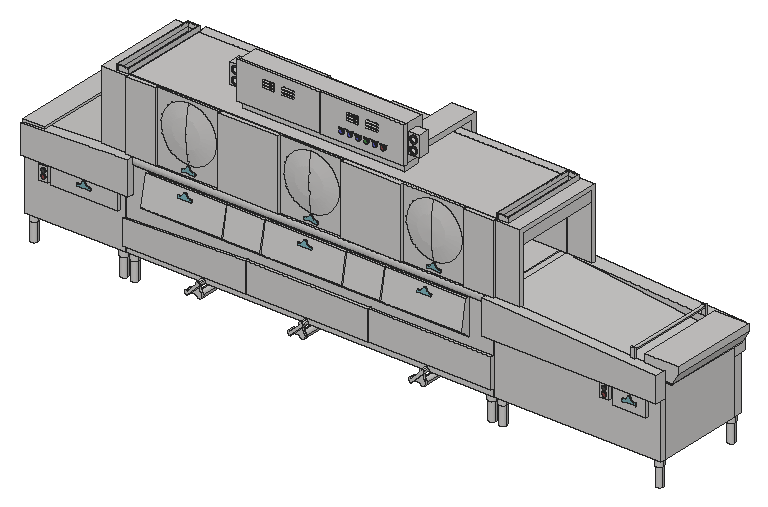
Revit family (continued)
Dimensions and locks (in)
  locked: plane 96 "Drain" to level at 7
  locked: plane 51 to plane 97 "Left Drain" at 17.5
  locked: plane 98 "Right Drain" to plane 62 at 7
  locked: plane 99 "Drain CL" to plane 21 "Back of Main Body" at 17.25
  locked: plane 100 "Utilities" to level at 6
  locked: plane 101 "Cold Water" to plane 3 "LEFT" at 10
  locked: plane 102 "Utility to Machine" to plane 21 "Back of Main Body" at 13.75
  locked: plane 102 "Utility to Machine" to plane 103 "Utilities Point of Connection" at 8.25
  locked: plane 4 "RIGHT" to plane 104 "Building Hot Water" at 36
  locked: Extrusion 133 sketch curve to plane 83 at 2
  locked: Extrusion 133 sketch curve to plane 10 "Top of Machine" at 13
  locked: Extrusion 136 to Extrusion 142 sketch curve at 1
  locked: Extrusion 175 to Extrusion 181 sketch curve at 1
  locked: plane 26 to plane 105 at 0.25
  locked: plane 106 to plane 24 at 0.0625
  locked: plane 24 to plane 107 at 0.0625
  locked: plane 110 to plane 24 at 1.4375
  locked: plane 24 to plane 109 at 1.4375
  locked: plane 108 to plane 27 at 0.25
  locked: plane 28 to plane 111 at 0.25
  locked: plane 114 to plane 29 at 0.25
  locked: plane 25 to plane 113 at 0.0625
  locked: plane 112 to plane 25 at 0.0625
  locked: plane 116 to plane 25 at 1.4375
  locked: plane 25 to plane 115 at 1.4375
  locked: plane 117 "Standard Door Clearance" to plane 10 "Top of Machine" at 28
  plane 4 "RIGHT" to plane 118 = 2' - 0"
  locked: plane 118 to nested 5
  locked: plane 4 "RIGHT" to nested 4 at 12
  locked: Extrusion 201 sketch curve to plane 4 "RIGHT" at 12
  locked: Extrusion 201 sketch curve to level at 11
  equal spacing: plane 119, plane 23, plane 120
  "Power Scrapper Door": plane 119 to plane 120
  locked: plane 119 to plane 121 at 0.25
  locked: plane 122 to plane 23 at 0.0625
  locked: plane 23 to plane 123 at 0.0625
  locked: plane 126 to plane 23 at 1.4375
  locked: plane 23 to plane 125 at 1.4375
  locked: plane 124 to plane 120 at 0.25
  locked: plane 35 to plane 127 at 0.25
  locked: plane 37 to plane 128 at 14
  locked: plane 128 to plane 129 at 29
  locked: plane 130 to plane 128 at 0.25
  aligned and locked: level to plane 2
  aligned and locked: plane 12 "Bottom of Machine" to Extrusion 1 sketch curve
  aligned and locked: plane 3 "LEFT" to Extrusion 1 sketch curve
  aligned and locked: plane 14 "Left of Bottom" to Extrusion 1 sketch curve
  aligned and locked: Extrusion 1 sketch curve to plane 15 "Right of Bottom"
  aligned and locked: Extrusion 1 sketch curve to plane 4 "RIGHT"
  aligned and locked: Extrusion 1 to plane 21 "Back of Main Body"
  aligned and locked: Extrusion 1 sketch curve to plane 16
  aligned and locked: Extrusion 2 sketch curve to plane 13 "Middle of Machine"
  aligned and locked: plane 16 to Extrusion 2 sketch curve
  aligned and locked: plane 21 "Back of Main Body" to Extrusion 2 sketch curve
  aligned and locked: Extrusion 2 to plane 14 "Left of Bottom"
  aligned and locked: plane 3 "LEFT" to Extrusion 3 sketch curve
  aligned and locked: Extrusion 3 sketch curve to plane 22 "Front of Main Body"
  aligned and locked: plane 30 "Front of Inside" to Extrusion 3 sketch curve
  aligned and locked: Extrusion 3 to plane 13 "Middle of Machine"
  aligned and locked: plane 30 "Front of Inside" to Extrusion 4 sketch curve
  aligned and locked: Extrusion 4 sketch curve to plane 26
  aligned and locked: Extrusion 4 sketch curve to plane 22 "Front of Main Body"
  aligned and locked: Extrusion 4 to plane 13 "Middle of Machine"
  aligned and locked: plane 30 "Front of Inside" to Extrusion 5 sketch curve
  aligned and locked: Extrusion 5 sketch curve to plane 22 "Front of Main Body"
  aligned and locked: Extrusion 5 sketch curve to plane 28
  aligned and locked: plane 27 to Extrusion 5 sketch curve
  aligned and locked: Extrusion 6 sketch curve to plane 4 "RIGHT"
  aligned and locked: plane 29 to Extrusion 6 sketch curve
  aligned and locked: plane 30 "Front of Inside" to Extrusion 6 sketch curve
  aligned and locked: Extrusion 6 sketch curve to plane 22 "Front of Main Body"
  aligned and locked: Extrusion 5 to plane 13 "Middle of Machine"
  aligned and locked: Extrusion 6 to plane 13 "Middle of Machine"
  aligned and locked: plane 3 "LEFT" to Extrusion 7 sketch curve
  aligned and locked: Extrusion 7 sketch curve to plane 32
  aligned and locked: plane 21 "Back of Main Body" to Extrusion 7 sketch curve
  aligned and locked: Extrusion 7 sketch curve to plane 31 "Back of Inside"
  aligned and locked: Extrusion 8 sketch curve to plane 4 "RIGHT"
  aligned and locked: plane 21 "Back of Main Body" to Extrusion 8 sketch curve
  aligned and locked: Extrusion 8 sketch curve to plane 31 "Back of Inside"
  aligned and locked: plane 33 to Extrusion 8 sketch curve
  aligned and locked: Extrusion 7 to plane 13 "Middle of Machine"
  aligned and locked: Extrusion 8 to plane 13 "Middle of Machine"
  aligned and locked: plane 30 "Front of Inside" to Extrusion 9 sketch curve
  aligned and locked: plane 26 to Extrusion 9 sketch curve
  aligned and locked: Extrusion 9 sketch curve to plane 27
  aligned and locked: plane 30 "Front of Inside" to Extrusion 10 sketch curve
  aligned and locked: plane 28 to Extrusion 10 sketch curve
  aligned and locked: Extrusion 10 sketch curve to plane 29
  aligned and locked: Extrusion 9 to plane 13 "Middle of Machine"
  aligned and locked: Extrusion 10 to plane 13 "Middle of Machine"
  aligned and locked: plane 32 to Extrusion 11 sketch curve
  aligned and locked: Extrusion 11 sketch curve to plane 33
  aligned and locked: Extrusion 11 sketch curve to plane 31 "Back of Inside"
  aligned and locked: Extrusion 11 to plane 13 "Middle of Machine"
  aligned and locked: Extrusion 16 to plane 38
  aligned and locked: plane 39 to Extrusion 16
  aligned and locked: Extrusion 17 to plane 36
  aligned and locked: plane 37 to Extrusion 17
  aligned and locked: Extrusion 18 to plane 40
  aligned and locked: plane 3 "LEFT" to Extrusion 20 sketch curve
  aligned and locked: plane 20 to Extrusion 20 sketch curve
  aligned and locked: Extrusion 20 sketch curve to plane 41
  aligned and locked: Extrusion 21 sketch curve to plane 43
  aligned and locked: Extrusion 21 sketch curve to plane 19
  aligned and locked: plane 42 to Extrusion 21 sketch curve
  aligned and locked: plane 20 to Extrusion 21 sketch curve
  aligned and locked: Extrusion 22 sketch curve to plane 4 "RIGHT"
  aligned and locked: Extrusion 22 sketch curve to plane 19
  aligned and locked: plane 20 to Extrusion 22 sketch curve
  aligned and locked: plane 44 to Extrusion 22 sketch curve
  aligned and locked: plane 31 "Back of Inside" to Extrusion 23 sketch curve
  aligned and locked: plane 3 "LEFT" to Extrusion 23 sketch curve
  aligned and locked: Extrusion 23 sketch curve to plane 30 "Front of Inside"
  aligned and locked: Extrusion 23 sketch curve to plane 4 "RIGHT"
  aligned and locked: Extrusion 23 to plane 45
  aligned and locked: plane 13 "Middle of Machine" to Extrusion 24 sketch curve  (x2)
  aligned and locked: Extrusion 24 sketch curve to plane 10 "Top of Machine"
  aligned and locked: Extrusion 24 to plane 8 "Load Vent"
  aligned and locked: plane 48 to Extrusion 25 sketch curve
  aligned and locked: Extrusion 25 sketch curve to plane 47
  aligned and locked: plane 46 to Extrusion 25
  aligned and locked: Extrusion 26 sketch curve to Extrusion 24
  aligned and locked: Extrusion 26 sketch curve to plane 45
  aligned and locked: Extrusion 27 sketch curve to Extrusion 25
  aligned and locked: Extrusion 25 to Extrusion 27 sketch curve
  aligned and locked: Extrusion 28 to Extrusion 30 sketch curve
  aligned and locked: plane 9 "Unload Vent" to Extrusion 28
  aligned and locked: plane 49 to Extrusion 29 sketch curve
  aligned and locked: Extrusion 29 sketch curve to plane 50
  aligned and locked: plane 46 to Extrusion 29
  aligned and locked: plane 45 to Extrusion 30 sketch curve
  aligned and locked: Extrusion 29 to Extrusion 31 sketch curve
  aligned and locked: Extrusion 31 sketch curve to Extrusion 29
  aligned and locked: plane 15 "Right of Bottom" to Extrusion 2
  aligned and locked: plane 51 to Extrusion 40 sketch curve
  aligned and locked: Extrusion 40 sketch curve to plane 14 "Left of Bottom"
  aligned and locked: plane 51 to Extrusion 41 sketch curve
  aligned and locked: Extrusion 41 sketch curve to plane 14 "Left of Bottom"
  aligned and locked: Extrusion 42 sketch curve to plane 52
  aligned and locked: plane 11 "Table Height" to Extrusion 42 sketch curve
  aligned and locked: plane 51 to Extrusion 42 sketch curve
  aligned and locked: plane 30 "Front of Inside" to Extrusion 42
  aligned and locked: Extrusion 43 sketch curve to plane 53
  aligned and locked: plane 51 to Extrusion 43 sketch curve
  aligned and locked: Extrusion 44 sketch curve to plane 53
  aligned and locked: plane 51 to Extrusion 44 sketch curve
  aligned and locked: plane 51 to Extrusion 45 sketch curve
  aligned and locked: Extrusion 45 sketch curve to plane 14 "Left of Bottom"
  aligned and locked: Extrusion 45 sketch curve to plane 13 "Middle of Machine"
  aligned and locked: Extrusion 45 sketch curve to plane 12 "Bottom of Machine"
  aligned and locked: plane 3 "LEFT" to Extrusion 45 sketch curve
  aligned and locked: plane 51 to Extrusion 46 sketch curve
  aligned and locked: plane 54 to Extrusion 46 sketch curve
  aligned and locked: plane 51 to Extrusion 47 sketch curve
  aligned and locked: plane 12 "Bottom of Machine" to Extrusion 47 sketch curve
  aligned and locked: Extrusion 47 sketch curve to plane 3 "LEFT"
  aligned and locked: plane 22 "Front of Main Body" to Extrusion 47
  aligned and locked: plane 30 "Front of Inside" to Extrusion 45
  aligned and locked: plane 51 to Extrusion 48 sketch curve
  aligned and locked: plane 12 "Bottom of Machine" to Extrusion 48 sketch curve
  aligned and locked: Extrusion 48 sketch curve to plane 3 "LEFT"
  aligned and locked: Extrusion 48 to plane 21 "Back of Main Body"
  aligned and locked: plane 55 to Extrusion 40 sketch curve
  aligned and locked: plane 55 to Extrusion 41 sketch curve
  aligned and locked: Extrusion 47 sketch curve to plane 55
  aligned and locked: Extrusion 48 sketch curve to plane 55
  aligned and locked: Extrusion 49 to plane 22 "Front of Main Body"
  aligned and locked: plane 61 to Extrusion 51 sketch curve
  aligned and locked: Extrusion 51 sketch curve to plane 60
  aligned and locked: Extrusion 49 to plane 58
  aligned and locked: plane 59 to Extrusion 49
  aligned and locked: plane 13 "Middle of Machine" to Extrusion 58 sketch curve
  aligned and locked: Extrusion 58 sketch curve to plane 15 "Right of Bottom"
  aligned and locked: Extrusion 58 sketch curve to plane 55
  aligned and locked: plane 4 "RIGHT" to Extrusion 58 sketch curve
  aligned and locked: plane 12 "Bottom of Machine" to Extrusion 58 sketch curve
  aligned and locked: plane 62 to Extrusion 58 sketch curve
  aligned and locked: plane 62 to Extrusion 57 sketch curve
  aligned and locked: Extrusion 57 sketch curve to plane 63
  aligned and locked: Extrusion 56 sketch curve to plane 64
  aligned and locked: plane 62 to Extrusion 56 sketch curve
  aligned and locked: Extrusion 56 sketch curve to plane 11 "Table Height"
  aligned and locked: Extrusion 54 sketch curve to plane 15 "Right of Bottom"
  aligned and locked: Extrusion 54 sketch curve to plane 55
  aligned and locked: plane 62 to Extrusion 54 sketch curve
  aligned and locked: Extrusion 55 sketch curve to plane 15 "Right of Bottom"
  aligned and locked: Extrusion 55 sketch curve to plane 55
  aligned and locked: plane 62 to Extrusion 55 sketch curve
  aligned and locked: Extrusion 59 sketch curve to plane 4 "RIGHT"
  aligned and locked: plane 55 to Extrusion 59 sketch curve
  aligned and locked: Extrusion 59 sketch curve to plane 12 "Bottom of Machine"
  aligned and locked: plane 62 to Extrusion 59 sketch curve
  aligned and locked: Extrusion 60 sketch curve to plane 4 "RIGHT"
  aligned and locked: plane 55 to Extrusion 60 sketch curve
  aligned and locked: plane 62 to Extrusion 60 sketch curve
  aligned and locked: Extrusion 60 sketch curve to plane 12 "Bottom of Machine"
  aligned and locked: plane 13 "Middle of Machine" to Extrusion 61 sketch curve
  aligned and locked: Extrusion 61 sketch curve to plane 66
  aligned and locked: Extrusion 61 sketch curve to plane 65
  aligned and locked: plane 30 "Front of Inside" to Extrusion 61
  aligned and locked: plane 30 "Front of Inside" to Extrusion 64
  aligned and locked: Extrusion 65 sketch curve to plane 56
  aligned and locked: plane 57 to Extrusion 65 sketch curve
  aligned and locked: plane 69 to Extrusion 65 sketch curve
  aligned and locked: Extrusion 65 sketch curve to plane 68
  aligned and locked: plane 71 to Extrusion 67 sketch curve
  aligned and locked: Extrusion 67 sketch curve to plane 70
  aligned and locked: Extrusion 67 sketch curve to plane 56
  aligned and locked: Extrusion 71 to Extrusion 70
  aligned and locked: plane 12 "Bottom of Machine" to Extrusion 71
  aligned and locked: Extrusion 73 to Extrusion 72
  aligned and locked: Extrusion 75 to Extrusion 74
  aligned and locked: Extrusion 77 to Extrusion 76
  aligned and locked: Extrusion 78 to Extrusion 79
  aligned and locked: Extrusion 80 to Extrusion 81
  aligned and locked: Extrusion 83 to Extrusion 82
  aligned and locked: Extrusion 85 to Extrusion 84
  aligned and locked: Extrusion 86 to Extrusion 87
  aligned and locked: Extrusion 88 to Extrusion 89
  aligned and locked: Extrusion 91 to Extrusion 90
  aligned and locked: Extrusion 93 to Extrusion 92
  aligned and locked: plane 73 to Extrusion 94 sketch curve
  aligned and locked: Extrusion 94 sketch curve to plane 72
  aligned and locked: Extrusion 94 sketch curve to plane 75
  aligned and locked: plane 74 to Extrusion 94 sketch curve
  aligned and locked: plane 87 "Back of Elec Box" to Extrusion 95 sketch curve
  aligned and locked: Extrusion 95 sketch curve to plane 88
  aligned and locked: plane 92 to Extrusion 95 sketch curve
  aligned and locked: Extrusion 95 sketch curve to plane 93 "Right of Control Box"
  aligned and locked: Extrusion 95 to plane 76
  aligned and locked: plane 91 to Extrusion 95
  aligned and locked: plane 83 to Extrusion 96 sketch curve
  aligned and locked: Extrusion 96 sketch curve to plane 89 "Front of Panel"
  aligned and locked: Extrusion 96 sketch curve to plane 81
  aligned and locked: plane 82 to Extrusion 97 sketch curve
  aligned and locked: Extrusion 97 sketch curve to plane 89 "Front of Panel"
  aligned and locked: plane 88 to Extrusion 97 sketch curve
  aligned and locked: Extrusion 97 sketch curve to plane 84
  aligned and locked: Extrusion 97 to plane 90
  aligned and locked: Extrusion 96 to plane 90
  aligned and locked: plane 79 to Extrusion 96
  aligned and locked: plane 79 to Extrusion 97
  aligned and locked: plane 95 to Extrusion 98 sketch curve
  aligned and locked: Extrusion 98 sketch curve to plane 92
  aligned and locked: Extrusion 98 sketch curve to plane 94 "Front of LR Panels"
  aligned and locked: plane 86 to Extrusion 98 sketch curve
  aligned and locked: plane 93 "Right of Control Box" to Extrusion 99 sketch curve
  aligned and locked: Extrusion 99 sketch curve to plane 94 "Front of LR Panels"
  aligned and locked: Extrusion 99 sketch curve to plane 85
  aligned and locked: plane 95 to Extrusion 99 sketch curve
  aligned and locked: plane 78 to Extrusion 98
  aligned and locked: plane 78 to Extrusion 99
  aligned and locked: Extrusion 98 to plane 77
  aligned and locked: Extrusion 99 to plane 77
  aligned and locked: Extrusion 101 sketch curve to Extrusion 100  (x2)
  aligned and locked: Extrusion 109 sketch curve to Extrusion 108  (x2)
  aligned and locked: Extrusion 111 sketch curve to Extrusion 110  (x2)
  aligned and locked: Extrusion 113 sketch curve to Extrusion 112  (x2)
  aligned and locked: Extrusion 128 to plane 97 "Left Drain"
  aligned and locked: plane 98 "Right Drain" to Extrusion 128
  aligned and locked: Extrusion 129 sketch curve to Extrusion 128  (x2)
  aligned and locked: Extrusion 130 sketch curve to Extrusion 128  (x2)
  aligned and locked: plane 50 to nested 1
  aligned and locked: plane 31 "Back of Inside" to nested 1
  aligned and locked: Extrusion 146 sketch curve to Extrusion 145  (x2)
  aligned and locked: Extrusion 154 sketch curve to Extrusion 153  (x2)
  aligned and locked: Extrusion 156 sketch curve to Extrusion 155  (x2)
  aligned and locked: Extrusion 158 sketch curve to Extrusion 157  (x2)
  aligned and locked: plane 105 to Extrusion 182 sketch curve
  aligned and locked: Extrusion 182 sketch curve to plane 106
  aligned and locked: Extrusion 182 sketch curve to plane 22 "Front of Main Body"
  aligned and locked: plane 107 to Extrusion 183 sketch curve
  aligned and locked: Extrusion 183 sketch curve to plane 108
  aligned and locked: Extrusion 183 sketch curve to plane 22 "Front of Main Body"
  aligned and locked: plane 111 to Extrusion 184 sketch curve
  aligned and locked: Extrusion 184 sketch curve to plane 112
  aligned and locked: Extrusion 184 sketch curve to plane 22 "Front of Main Body"
  aligned and locked: plane 113 to Extrusion 185 sketch curve
  aligned and locked: Extrusion 185 sketch curve to plane 114
  aligned and locked: Extrusion 185 sketch curve to plane 22 "Front of Main Body"
  aligned and locked: Extrusion 182 to plane 13 "Middle of Machine"
  aligned and locked: Extrusion 183 to plane 13 "Middle of Machine"
  aligned and locked: Extrusion 184 to plane 13 "Middle of Machine"
  aligned and locked: Extrusion 185 to plane 13 "Middle of Machine"
  aligned and locked: curve 81 to plane 26
  aligned and locked: curve 89 to plane 27
  aligned and locked: plane 28 to curve 97
  aligned and locked: plane 29 to curve 99
  aligned and locked: plane 26 to Extrusion 198 sketch curve
  aligned and locked: Extrusion 198 sketch curve to plane 27
  aligned and locked: Extrusion 198 sketch curve to plane 22 "Front of Main Body"
  aligned and locked: Extrusion 199 sketch curve to plane 22 "Front of Main Body"
  aligned and locked: plane 28 to Extrusion 199 sketch curve
  aligned and locked: Extrusion 199 sketch curve to plane 29
  aligned and locked: plane 119 to Extrusion 203 sketch curve
  aligned and locked: Extrusion 203 sketch curve to plane 120
  aligned and locked: plane 121 to Extrusion 206 sketch curve
  aligned and locked: Extrusion 206 sketch curve to plane 122
  aligned and locked: plane 123 to Extrusion 207 sketch curve
  aligned and locked: Extrusion 207 sketch curve to plane 124
  aligned and locked: curve 133 to plane 119
  aligned and locked: curve 141 to plane 120
  aligned and locked: plane 119 to Extrusion 214 sketch curve
  aligned and locked: Extrusion 214 sketch curve to plane 120
  aligned and locked: Extrusion 3 sketch curve to plane 119
  aligned and locked: plane 120 to Extrusion 4 sketch curve
  aligned and locked: plane 35 to Extrusion 15
  aligned and locked: Extrusion 16 to plane 127
  aligned and locked: plane 129 to Extrusion 19
  aligned and locked: Extrusion 19 to plane 128
  aligned and locked: plane 130 to Extrusion 18
  aligned and locked: plane 128 to curve 37
  aligned and locked: curve 38 to plane 130
  aligned and locked: curve 35 to plane 129
Automatic sketch dimensions
  Extrusion 15 sketch curve to Extrusion 15 sketch curve = 0' - 1"
  Extrusion 16 sketch curve to Extrusion 16 sketch curve = 0' - 1"
  Extrusion 17 sketch curve to Extrusion 17 sketch curve = 0' - 1"
  Extrusion 18 sketch curve to Extrusion 18 sketch curve = 0' - 1"
  Extrusion 19 sketch curve to Extrusion 19 sketch curve = 0' - 1"
  Extrusion 15 sketch curve to Extrusion 15 sketch curve = 0' - 2"
  Extrusion 15 sketch curve to Extrusion 15 sketch curve = 0' - 2 5/16"
  Extrusion 15 sketch curve to Extrusion 15 sketch curve = 0' - 10 1/4"
  Extrusion 16 sketch curve to Extrusion 16 sketch curve = 0' - 2"
  Extrusion 16 sketch curve to Extrusion 16 sketch curve = 0' - 2 5/16"
  Extrusion 16 sketch curve to Extrusion 16 sketch curve = 0' - 10 1/4"
  Extrusion 17 sketch curve to Extrusion 17 sketch curve = 0' - 2"
  Extrusion 17 sketch curve to Extrusion 17 sketch curve = 0' - 2 5/16"
  Extrusion 17 sketch curve to Extrusion 17 sketch curve = 0' - 10 1/4"
  Extrusion 18 sketch curve to Extrusion 18 sketch curve = 0' - 2"
  Extrusion 18 sketch curve to Extrusion 18 sketch curve = 0' - 2 5/16"
  Extrusion 18 sketch curve to Extrusion 18 sketch curve = 0' - 10 1/4"
  Extrusion 19 sketch curve to Extrusion 19 sketch curve = 0' - 2"
  Extrusion 19 sketch curve to Extrusion 19 sketch curve = 0' - 2 5/16"
  Extrusion 19 sketch curve to Extrusion 19 sketch curve = 0' - 10 1/4"
  Extrusion 34 sketch curve to Extrusion 34 sketch curve = 0' - 1"
  Extrusion 35 sketch curve to Extrusion 35 sketch curve = 0' - 1"
  Extrusion 36 sketch curve to Extrusion 36 sketch curve = 0' - 1"
  Extrusion 37 sketch curve to Extrusion 37 sketch curve = 0' - 1"
  Extrusion 38 sketch curve to Extrusion 38 sketch curve = 0' - 1"
  Extrusion 34 sketch curve to Extrusion 34 sketch curve = 0' - 2"
  Extrusion 34 sketch curve to Extrusion 34 sketch curve = 0' - 2 5/16"
  Extrusion 34 sketch curve to Extrusion 34 sketch curve = 0' - 10 1/4"
  Extrusion 35 sketch curve to Extrusion 35 sketch curve = 0' - 2"
  Extrusion 35 sketch curve to Extrusion 35 sketch curve = 0' - 2 5/16"
  Extrusion 35 sketch curve to Extrusion 35 sketch curve = 0' - 10 1/4"
  Extrusion 36 sketch curve to Extrusion 36 sketch curve = 0' - 2"
  Extrusion 36 sketch curve to Extrusion 36 sketch curve = 0' - 2 5/16"
  Extrusion 36 sketch curve to Extrusion 36 sketch curve = 0' - 10 1/4"
  Extrusion 37 sketch curve to Extrusion 37 sketch curve = 0' - 2"
  Extrusion 37 sketch curve to Extrusion 37 sketch curve = 0' - 2 5/16"
  Extrusion 37 sketch curve to Extrusion 37 sketch curve = 0' - 10 1/4"
  Extrusion 38 sketch curve to Extrusion 38 sketch curve = 0' - 2"
  Extrusion 38 sketch curve to Extrusion 38 sketch curve = 0' - 2 5/16"
  Extrusion 38 sketch curve to Extrusion 38 sketch curve = 0' - 10 1/4"
  Extrusion 100 sketch curve to Extrusion 100 sketch curve = 0' - 0"  (x4)
  Extrusion 102 sketch curve to Extrusion 102 sketch curve = 0' - 1"  (x5)
  Extrusion 102 sketch curve to Extrusion 102 sketch curve = 0' - 2"  (x6)
  Extrusion 102 sketch curve to Extrusion 102 sketch curve = 0' - 0"  (x5)
  Extrusion 102 sketch curve to Extrusion 102 sketch curve = 0' - 0 1/4"  (x6)
  Extrusion 107 sketch curve to Extrusion 107 sketch curve = 0' - 1 1/2"  (x5)
  Extrusion 107 sketch curve to Extrusion 107 sketch curve = 0' - 0 3/4"  (x6)
  Extrusion 107 sketch curve to Extrusion 107 sketch curve = 0' - 0 7/8"  (x6)
  Extrusion 108 sketch curve to Extrusion 108 sketch curve = 0' - 0"  (x4)
  Extrusion 110 sketch curve to Extrusion 110 sketch curve = 0' - 0"  (x4)
  Extrusion 112 sketch curve to Extrusion 112 sketch curve = 0' - 0"  (x4)
  Extrusion 116 sketch curve to Extrusion 116 sketch curve = 0' - 0 5/8"
  Extrusion 117 sketch curve to Extrusion 117 sketch curve = 0' - 0 5/8"
  Extrusion 118 sketch curve to Extrusion 118 sketch curve = 0' - 0 5/8"
  Extrusion 119 sketch curve to Extrusion 119 sketch curve = 0' - 0 5/8"
  Extrusion 120 sketch curve to Extrusion 120 sketch curve = 0' - 0 5/8"
  Extrusion 121 sketch curve to Extrusion 121 sketch curve = 0' - 0 5/8"
  Extrusion 122 sketch curve to Extrusion 122 sketch curve = 0' - 0 5/8"
  Extrusion 123 sketch curve to Extrusion 123 sketch curve = 0' - 0 5/8"
  Extrusion 124 sketch curve to Extrusion 124 sketch curve = 0' - 0 5/8"
  Extrusion 125 sketch curve to Extrusion 125 sketch curve = 0' - 0 5/8"
  Extrusion 126 sketch curve to Extrusion 126 sketch curve = 0' - 0 5/8"
  Extrusion 127 sketch curve to Extrusion 127 sketch curve = 0' - 0 5/8"
  Extrusion 134 sketch curve to Extrusion 134 sketch curve = 0' - 0"  (x4)
  Extrusion 135 sketch curve to Extrusion 135 sketch curve = 0' - 0"  (x4)
  Extrusion 136 sketch curve to Extrusion 136 sketch curve = 0' - 1 5/8"  (x2)
  Extrusion 136 sketch curve to Extrusion 136 sketch curve = 0' - 1 1/8"
  Extrusion 137 sketch curve to Extrusion 137 sketch curve = 0' - 0 1/2"  (x7)
  Extrusion 137 sketch curve to Extrusion 137 sketch curve = 0' - 0 1/4"  (x4)
  Extrusion 137 sketch curve to Extrusion 137 sketch curve = 0' - 4 1/2"
  Extrusion 138 sketch curve to Extrusion 138 sketch curve = 0' - 1 5/8"  (x2)
  Extrusion 138 sketch curve to Extrusion 138 sketch curve = 0' - 1 1/8"
  Extrusion 139 sketch curve to Extrusion 139 sketch curve = 0' - 0"  (x4)
  Extrusion 140 sketch curve to Extrusion 140 sketch curve = 0' - 0 1/2"  (x7)
  Extrusion 140 sketch curve to Extrusion 140 sketch curve = 0' - 0 1/4"  (x4)
  Extrusion 140 sketch curve to Extrusion 140 sketch curve = 0' - 4 1/2"
  Extrusion 141 sketch curve to Extrusion 141 sketch curve = 0' - 1 5/8"  (x2)
  Extrusion 141 sketch curve to Extrusion 141 sketch curve = 0' - 1 1/8"
  Extrusion 142 sketch curve to Extrusion 142 sketch curve = 0' - 0 1/2"  (x9)
  Extrusion 142 sketch curve to Extrusion 142 sketch curve = 0' - 0 1/4"  (x2)
  Extrusion 142 sketch curve to Extrusion 142 sketch curve = 0' - 4 1/2"
  Extrusion 107 sketch curve to Extrusion 107 sketch curve = 0' - 0"  (x5)
  Extrusion 116 sketch curve to Extrusion 116 sketch curve = 0' - 2 3/4"
  Extrusion 117 sketch curve to Extrusion 117 sketch curve = 0' - 2 3/4"
  Extrusion 118 sketch curve to Extrusion 118 sketch curve = 0' - 2 3/4"
  Extrusion 119 sketch curve to Extrusion 119 sketch curve = 0' - 2 3/4"
  Extrusion 120 sketch curve to Extrusion 120 sketch curve = 0' - 2 3/4"
  Extrusion 121 sketch curve to Extrusion 121 sketch curve = 0' - 2 3/4"
  Extrusion 122 sketch curve to Extrusion 122 sketch curve = 0' - 2 3/4"
  Extrusion 123 sketch curve to Extrusion 123 sketch curve = 0' - 2 3/4"
  Extrusion 124 sketch curve to Extrusion 124 sketch curve = 0' - 2 3/4"
  Extrusion 125 sketch curve to Extrusion 125 sketch curve = 0' - 2 3/4"
  Extrusion 126 sketch curve to Extrusion 126 sketch curve = 0' - 2 3/4"
  Extrusion 127 sketch curve to Extrusion 127 sketch curve = 0' - 2 3/4"
  Extrusion 145 sketch curve to Extrusion 145 sketch curve = 0' - 0"  (x4)
  Extrusion 147 sketch curve to Extrusion 147 sketch curve = 0' - 1"  (x5)
  Extrusion 147 sketch curve to Extrusion 147 sketch curve = 0' - 2"  (x6)
  Extrusion 147 sketch curve to Extrusion 147 sketch curve = 0' - 0"  (x5)
  Extrusion 147 sketch curve to Extrusion 147 sketch curve = 0' - 0 1/4"  (x6)
  Extrusion 152 sketch curve to Extrusion 152 sketch curve = 0' - 1 1/2"  (x5)
  Extrusion 152 sketch curve to Extrusion 152 sketch curve = 0' - 0 3/4"  (x6)
  Extrusion 152 sketch curve to Extrusion 152 sketch curve = 0' - 0 7/8"  (x6)
  Extrusion 153 sketch curve to Extrusion 153 sketch curve = 0' - 0"  (x4)
  Extrusion 155 sketch curve to Extrusion 155 sketch curve = 0' - 0"  (x4)
  Extrusion 157 sketch curve to Extrusion 157 sketch curve = 0' - 0"  (x4)
  Extrusion 161 sketch curve to Extrusion 161 sketch curve = 0' - 0 5/8"
  Extrusion 162 sketch curve to Extrusion 162 sketch curve = 0' - 0 5/8"
  Extrusion 163 sketch curve to Extrusion 163 sketch curve = 0' - 0 5/8"
  Extrusion 164 sketch curve to Extrusion 164 sketch curve = 0' - 0 5/8"
  Extrusion 165 sketch curve to Extrusion 165 sketch curve = 0' - 0 5/8"
  Extrusion 166 sketch curve to Extrusion 166 sketch curve = 0' - 0 5/8"
  Extrusion 167 sketch curve to Extrusion 167 sketch curve = 0' - 0 5/8"
  Extrusion 168 sketch curve to Extrusion 168 sketch curve = 0' - 0 5/8"
  Extrusion 169 sketch curve to Extrusion 169 sketch curve = 0' - 0 5/8"
  Extrusion 170 sketch curve to Extrusion 170 sketch curve = 0' - 0 5/8"
  Extrusion 171 sketch curve to Extrusion 171 sketch curve = 0' - 0 5/8"
  Extrusion 172 sketch curve to Extrusion 172 sketch curve = 0' - 0 5/8"
  Extrusion 152 sketch curve to Extrusion 152 sketch curve = 0' - 0"  (x5)
  Extrusion 161 sketch curve to Extrusion 161 sketch curve = 0' - 2 3/4"
  Extrusion 162 sketch curve to Extrusion 162 sketch curve = 0' - 2 3/4"
  Extrusion 163 sketch curve to Extrusion 163 sketch curve = 0' - 2 3/4"
  Extrusion 164 sketch curve to Extrusion 164 sketch curve = 0' - 2 3/4"
  Extrusion 165 sketch curve to Extrusion 165 sketch curve = 0' - 2 3/4"
  Extrusion 166 sketch curve to Extrusion 166 sketch curve = 0' - 2 3/4"
  Extrusion 167 sketch curve to Extrusion 167 sketch curve = 0' - 2 3/4"
  Extrusion 168 sketch curve to Extrusion 168 sketch curve = 0' - 2 3/4"
  Extrusion 169 sketch curve to Extrusion 169 sketch curve = 0' - 2 3/4"
  Extrusion 170 sketch curve to Extrusion 170 sketch curve = 0' - 2 3/4"
  Extrusion 171 sketch curve to Extrusion 171 sketch curve = 0' - 2 3/4"
  Extrusion 172 sketch curve to Extrusion 172 sketch curve = 0' - 2 3/4"
  Extrusion 136 sketch curve to Extrusion 136 sketch curve = 0' - 0.12054"
  Extrusion 138 sketch curve to Extrusion 138 sketch curve = 0' - 0.12054"
  Extrusion 141 sketch curve to Extrusion 141 sketch curve = 0' - 0.12054"
  Extrusion 173 sketch curve to Extrusion 173 sketch curve = 0' - 0"  (x4)
  Extrusion 174 sketch curve to Extrusion 174 sketch curve = 0' - 0"  (x4)
  Extrusion 175 sketch curve to Extrusion 175 sketch curve = 0' - 1 5/8"  (x2)
  Extrusion 175 sketch curve to Extrusion 175 sketch curve = 0' - 1 1/8"
  Extrusion 176 sketch curve to Extrusion 176 sketch curve = 0' - 0 1/2"  (x7)
  Extrusion 176 sketch curve to Extrusion 176 sketch curve = 0' - 0 1/4"  (x4)
  Extrusion 176 sketch curve to Extrusion 176 sketch curve = 0' - 4 1/2"
  Extrusion 177 sketch curve to Extrusion 177 sketch curve = 0' - 1 5/8"  (x2)
  Extrusion 177 sketch curve to Extrusion 177 sketch curve = 0' - 1 1/8"
  Extrusion 178 sketch curve to Extrusion 178 sketch curve = 0' - 0"  (x4)
  Extrusion 179 sketch curve to Extrusion 179 sketch curve = 0' - 0 1/2"  (x7)
  Extrusion 179 sketch curve to Extrusion 179 sketch curve = 0' - 0 1/4"  (x4)
  Extrusion 179 sketch curve to Extrusion 179 sketch curve = 0' - 4 1/2"
  Extrusion 180 sketch curve to Extrusion 180 sketch curve = 0' - 1 5/8"  (x2)
  Extrusion 180 sketch curve to Extrusion 180 sketch curve = 0' - 1 1/8"
  Extrusion 181 sketch curve to Extrusion 181 sketch curve = 0' - 0 1/2"  (x9)
  Extrusion 181 sketch curve to Extrusion 181 sketch curve = 0' - 0 1/4"  (x2)
  Extrusion 181 sketch curve to Extrusion 181 sketch curve = 0' - 4 1/2"
  Extrusion 175 sketch curve to Extrusion 175 sketch curve = 0' - 0.12054"
  Extrusion 177 sketch curve to Extrusion 177 sketch curve = 0' - 0.12054"
  Extrusion 180 sketch curve to Extrusion 180 sketch curve = 0' - 0.12054"
  Extrusion 33 sketch curve to Extrusion 33 sketch curve = 0' - 0.25142"  (x5)
  Extrusion 33 sketch curve to Extrusion 33 sketch curve = 0' - 0.25483"  (x4)
  Extrusion 33 sketch curve to Extrusion 33 sketch curve = 0' - 0.30345"  (x3)
  Extrusion 33 sketch curve to Extrusion 33 sketch curve = 0' - 1.63184"  (x6)
  Extrusion 33 sketch curve to Extrusion 33 sketch curve = 0' - 1.52338"  (x3)
  Extrusion 33 sketch curve to Extrusion 33 sketch curve = 0' - 0.41934"  (x3)
  Extrusion 33 sketch curve to Extrusion 33 sketch curve = 0' - 0.42496"  (x3)
  Extrusion 33 sketch curve to Extrusion 33 sketch curve = 0' - 0"  (x8)
  Extrusion 33 sketch curve to Extrusion 33 sketch curve = 0' - 1.22253"  (x3)
  Extrusion 33 sketch curve to Extrusion 33 sketch curve = 0' - 1.51845"  (x3)
  Extrusion 33 sketch curve to Extrusion 33 sketch curve = 0' - 0.00341"  (x3)
  Extrusion 33 sketch curve to Extrusion 33 sketch curve = 3' - 2.01495"
  Extrusion 33 sketch curve to Extrusion 33 sketch curve = 0' - 0.61126"  (x3)
  Extrusion 33 sketch curve to Extrusion 33 sketch curve = 3' - 1.99333"
  Extrusion 33 sketch curve to Extrusion 33 sketch curve = 0' - 11.90119"  (x3)
  Extrusion 33 sketch curve to Extrusion 33 sketch curve = 0' - 0.08323"  (x3)
  Extrusion 33 sketch curve to Extrusion 33 sketch curve = 0' - 0.48493"  (x6)
  Extrusion 33 sketch curve to Extrusion 33 sketch curve = 0' - 1.96861"  (x3)
  Extrusion 39 sketch curve to Extrusion 39 sketch curve = 0' - 0.25142"  (x5)
  Extrusion 39 sketch curve to Extrusion 39 sketch curve = 0' - 0.25483"  (x4)
  Extrusion 39 sketch curve to Extrusion 39 sketch curve = 0' - 0.30345"  (x3)
  Extrusion 39 sketch curve to Extrusion 39 sketch curve = 0' - 1.63184"  (x6)
  Extrusion 39 sketch curve to Extrusion 39 sketch curve = 0' - 1.52338"  (x3)
  Extrusion 39 sketch curve to Extrusion 39 sketch curve = 0' - 0.41934"  (x3)
  Extrusion 39 sketch curve to Extrusion 39 sketch curve = 0' - 0.42496"  (x3)
  Extrusion 39 sketch curve to Extrusion 39 sketch curve = 0' - 0"  (x8)
  Extrusion 39 sketch curve to Extrusion 39 sketch curve = 0' - 1.22253"  (x3)
  Extrusion 39 sketch curve to Extrusion 39 sketch curve = 0' - 1.51845"  (x3)
  Extrusion 39 sketch curve to Extrusion 39 sketch curve = 0' - 0.00341"  (x3)
  Extrusion 39 sketch curve to Extrusion 39 sketch curve = 3' - 2.01495"
  Extrusion 39 sketch curve to Extrusion 39 sketch curve = 0' - 0.61126"  (x3)
  Extrusion 39 sketch curve to Extrusion 39 sketch curve = 3' - 1.99333"
  Extrusion 39 sketch curve to Extrusion 39 sketch curve = 0' - 11.90119"  (x3)
  Extrusion 39 sketch curve to Extrusion 39 sketch curve = 0' - 0.08323"  (x3)
  Extrusion 39 sketch curve to Extrusion 39 sketch curve = 0' - 0.48493"  (x6)
  Extrusion 39 sketch curve to Extrusion 39 sketch curve = 0' - 1.96861"  (x3)
  Extrusion 1 sketch curve to plane 55 = 0' - 0"  (x2)
  Extrusion 2 sketch curve to plane 22 "Front of Main Body" = 0' - 0"  (x2)
  plane 30 "Front of Inside" to Extrusion 2 sketch curve = 0' - 0.18875"
  Extrusion 9 sketch curve to plane 22 "Front of Main Body" = 0' - 0 3/4"
  Extrusion 10 sketch curve to plane 22 "Front of Main Body" = 0' - 0 3/4"
  plane 21 "Back of Main Body" to Extrusion 11 sketch curve = 0' - 1"
  plane 5 "FRONT" to Revolve 12 sketch curve = 0' - 8"
  plane 22 "Front of Main Body" to Revolve 12 sketch curve = 0' - 0 1/4"
  Revolve 12 sketch curve to plane 22 "Front of Main Body" = 0' - 0 3/4"
  plane 95 to Revolve 12 sketch curve = 0' - 1 1/4"
  Revolve 12 sketch curve to plane 1 "BACK" = 0' - 8.74935"
  Revolve 12 sketch curve to plane 45 = 0' - 5.75174"  (x2)
  Revolve 12 sketch curve to plane 45 = 0' - 5.50167"
  plane 5 "FRONT" to Revolve 13 sketch curve = 0' - 8"
  plane 22 "Front of Main Body" to Revolve 13 sketch curve = 0' - 0 1/4"
  Revolve 13 sketch curve to plane 22 "Front of Main Body" = 0' - 0 3/4"
  plane 95 to Revolve 13 sketch curve = 0' - 1 1/4"
  Revolve 13 sketch curve to plane 1 "BACK" = 0' - 8.74935"
  Revolve 13 sketch curve to plane 45 = 0' - 5.75174"  (x2)
  Revolve 13 sketch curve to plane 45 = 0' - 5.50167"
  Revolve 14 sketch curve to plane 21 "Back of Main Body" = 0' - 0"
  Revolve 14 sketch curve to plane 1 "BACK" = 0' - 7 3/4"
  Revolve 14 sketch curve to Revolve 14 sketch curve = 0' - 1"
  Revolve 14 sketch curve to plane 102 "Utility to Machine" = 0' - 4"
  plane 5 "FRONT" to Revolve 14 sketch curve = 0' - 8.99935"
  Revolve 14 sketch curve to plane 10 "Top of Machine" = 0' - 1.00174"
  Revolve 14 sketch curve to Revolve 14 sketch curve = 0' - 9.74993"
  Revolve 14 sketch curve to plane 45 = 0' - 5.75174"
  Extrusion 20 sketch curve to plane 19 = 0' - 0"
  Extrusion 20 sketch curve to plane 57 = 0' - 1 5/8"
  Extrusion 24 sketch curve to plane 30 "Front of Inside" = 0' - 0"
  Extrusion 24 sketch curve to plane 31 "Back of Inside" = 0' - 0"
  Extrusion 24 sketch curve to plane 22 "Front of Main Body" = 0' - 0 3/4"
  Extrusion 24 sketch curve to Extrusion 24 sketch curve = 0' - 1"
  Extrusion 24 sketch curve to plane 10 "Top of Machine" = 0' - 1 3/8"
  Extrusion 25 sketch curve to plane 3 "LEFT" = 0' - 0"
  plane 30 "Front of Inside" to Extrusion 25 sketch curve = 0' - 0"
  plane 31 "Back of Inside" to Extrusion 25 sketch curve = 0' - 0"
  plane 30 "Front of Inside" to Extrusion 25 sketch curve = 0' - 0 1/8"
  Extrusion 25 sketch curve to plane 31 "Back of Inside" = 0' - 0 1/8"
  Extrusion 25 sketch curve to plane 48 = 0' - 0 1/8"
  Extrusion 26 sketch curve to plane 30 "Front of Inside" = 0' - 0"
  Extrusion 26 sketch curve to plane 31 "Back of Inside" = 0' - 0"
  plane 30 "Front of Inside" to Extrusion 27 sketch curve = 0' - 0"
  plane 31 "Back of Inside" to Extrusion 27 sketch curve = 0' - 0"
  Extrusion 28 sketch curve to plane 13 "Middle of Machine" = 0' - 0"  (x2)
  Extrusion 28 sketch curve to plane 10 "Top of Machine" = 0' - 0"
  Extrusion 28 sketch curve to plane 30 "Front of Inside" = 0' - 0"
  Extrusion 28 sketch curve to plane 31 "Back of Inside" = 0' - 0"
  Extrusion 28 sketch curve to plane 22 "Front of Main Body" = 0' - 0 3/4"
  Extrusion 28 sketch curve to plane 31 "Back of Inside" = 0' - 1"
  Extrusion 28 sketch curve to plane 10 "Top of Machine" = 0' - 1 3/8"
  Extrusion 29 sketch curve to plane 4 "RIGHT" = 0' - 0"
  plane 30 "Front of Inside" to Extrusion 29 sketch curve = 0' - 0"
  plane 31 "Back of Inside" to Extrusion 29 sketch curve = 0' - 0"
  Extrusion 29 sketch curve to plane 30 "Front of Inside" = 0' - 0 1/8"
  plane 31 "Back of Inside" to Extrusion 29 sketch curve = 0' - 0 1/8"
  Extrusion 29 sketch curve to plane 49 = 0' - 0 1/8"
  Extrusion 30 sketch curve to plane 30 "Front of Inside" = 0' - 0"
  Extrusion 30 sketch curve to plane 31 "Back of Inside" = 0' - 0"
  plane 30 "Front of Inside" to Extrusion 31 sketch curve = 0' - 0"
  plane 31 "Back of Inside" to Extrusion 31 sketch curve = 0' - 0"
  Extrusion 32 sketch curve to plane 24 = 0' - 0"
  plane 24 to Extrusion 32 sketch curve = 0' - 0.00035"
  plane 82 to Extrusion 32 sketch curve = 0' - 0.29469"
  Extrusion 32 sketch curve to plane 33 = 0' - 0.38874"
  plane 109 to Extrusion 32 sketch curve = 0' - 0.50556"
  plane 109 to Extrusion 32 sketch curve = 0' - 0.8056"
  Extrusion 32 sketch curve to Extrusion 32 sketch curve = 0' - 0.00341"  (x2)
  Extrusion 32 sketch curve to Extrusion 32 sketch curve = 0' - 0.25142"  (x2)
  Extrusion 32 sketch curve to plane 81 = 0' - 0.29961"
  Extrusion 32 sketch curve to Extrusion 32 sketch curve = 0' - 0"
  Extrusion 32 sketch curve to plane 81 = 0' - 0.48626"
  Extrusion 32 sketch curve to plane 110 = 0' - 0.50556"
  Extrusion 32 sketch curve to plane 110 = 0' - 0.8056"
  plane 55 to Extrusion 32 sketch curve = 0' - 1.17016"
  plane 13 "Middle of Machine" to Extrusion 32 sketch curve = 0' - 0.94635"  (x2)
  plane 13 "Middle of Machine" to Extrusion 32 sketch curve = 0' - 1.02958"
  Extrusion 32 sketch curve to Extrusion 32 sketch curve = 0' - 0.48493"  (x2)
  Extrusion 32 sketch curve to Extrusion 32 sketch curve = 0' - 1.96861"
  Extrusion 40 sketch curve to plane 13 "Middle of Machine" = 0' - 0"
  plane 16 to Extrusion 40 sketch curve = 0' - 0 5/8"
  Extrusion 41 sketch curve to plane 13 "Middle of Machine" = 0' - 0"
  plane 16 to Extrusion 41 sketch curve = 0' - 0 5/8"
  Extrusion 42 sketch curve to plane 11 "Table Height" = 0' - 0 1/8"
  Extrusion 43 sketch curve to plane 11 "Table Height" = 0' - 1 1/2"
  Extrusion 43 sketch curve to plane 11 "Table Height" = 0' - 0 1/8"
  Extrusion 44 sketch curve to plane 56 = 0' - 0"
  Extrusion 44 sketch curve to plane 11 "Table Height" = 0' - 2"
  Extrusion 45 sketch curve to plane 3 "LEFT" = 0' - 0"
  Extrusion 45 sketch curve to plane 55 = 0' - 0"
  Extrusion 45 sketch curve to plane 11 "Table Height" = 0' - 0"
  plane 16 to Extrusion 46 sketch curve = 0' - 0 5/8"
  plane 16 to Extrusion 46 sketch curve = 0' - 1.01335"
  Extrusion 46 sketch curve to Extrusion 46 sketch curve = 0' - 0.75088"
  Extrusion 46 sketch curve to plane 13 "Middle of Machine" = 0' - 0.73577"
  Extrusion 49 sketch curve to plane 57 = 0' - 0"
  Extrusion 49 sketch curve to plane 58 = 0' - 0"
  Extrusion 49 sketch curve to plane 59 = 0' - 0"
  Extrusion 49 sketch curve to plane 56 = 0' - 0"
  Extrusion 50 sketch curve to Extrusion 50 sketch curve = 0' - 0.25142"  (x2)
  Extrusion 50 sketch curve to Extrusion 50 sketch curve = 0' - 0.25483"  (x2)
  Extrusion 50 sketch curve to plane 56 = 0' - 0.46498"  (x2)
  Extrusion 50 sketch curve to Extrusion 50 sketch curve = 0' - 0.30345"
  plane 18 to Extrusion 50 sketch curve = 0' - 0.59419"  (x2)
  Extrusion 50 sketch curve to Extrusion 50 sketch curve = 0' - 1.63184"
  Extrusion 50 sketch curve to Extrusion 50 sketch curve = 0' - 1.52338"
  Extrusion 50 sketch curve to Extrusion 50 sketch curve = 0' - 0.41934"
  plane 20 to Extrusion 50 sketch curve = 0' - 1.60977"
  Extrusion 50 sketch curve to plane 101 "Cold Water" = 0' - 4.12535"
  Extrusion 50 sketch curve to Extrusion 50 sketch curve = 0' - 0.42496"
  Extrusion 50 sketch curve to Extrusion 50 sketch curve = 0' - 0"
  Extrusion 50 sketch curve to Extrusion 50 sketch curve = 0' - 1.51845"
  plane 18 to Extrusion 50 sketch curve = 0' - 0.51096"  (x2)
  Extrusion 50 sketch curve to Extrusion 50 sketch curve = 0' - 0.48493"
  Extrusion 51 sketch curve to plane 19 = 0' - 0"
  Extrusion 51 sketch curve to plane 56 = 0' - 0 3/4"
  plane 18 to Extrusion 52 sketch curve = 0' - 1 1/4"
  Extrusion 53 sketch curve to plane 18 = 0' - 0 3/4"
  Extrusion 54 sketch curve to plane 13 "Middle of Machine" = 0' - 0"
  plane 17 to Extrusion 54 sketch curve = 0' - 0 1/4"
  Extrusion 55 sketch curve to plane 13 "Middle of Machine" = 0' - 0"
  plane 17 to Extrusion 55 sketch curve = 0' - 0 1/4"
  plane 11 "Table Height" to Extrusion 56 sketch curve = 0' - 0 1/8"
  plane 11 "Table Height" to Extrusion 57 sketch curve = 0' - 1 1/2"
  plane 11 "Table Height" to Extrusion 57 sketch curve = 0' - 0 1/8"
  Extrusion 58 sketch curve to plane 4 "RIGHT" = 0' - 0"
  Extrusion 58 sketch curve to plane 11 "Table Height" = 0' - 0"
  Extrusion 61 sketch curve to plane 16 = 0' - 0"
  plane 64 to Extrusion 61 sketch curve = 0' - 0 1/2"
  plane 11 "Table Height" to Extrusion 61 sketch curve = 0' - 0 1/2"
  Extrusion 62 sketch curve to plane 16 = 0' - 0.1125"
  Extrusion 62 sketch curve to plane 16 = 0' - 0.0375"
  plane 13 "Middle of Machine" to Extrusion 62 sketch curve = 0' - 0 7/8"
  Extrusion 63 sketch curve to plane 16 = 0' - 0.1125"
  Extrusion 63 sketch curve to plane 16 = 0' - 0.0375"
  plane 13 "Middle of Machine" to Extrusion 63 sketch curve = 0' - 0 7/8"
  Extrusion 64 sketch curve to plane 67 = 0' - 0"
  plane 13 "Middle of Machine" to Extrusion 64 sketch curve = 0' - 0 1/8"
  Extrusion 66 sketch curve to Extrusion 66 sketch curve = 0' - 0.25142"  (x2)
  Extrusion 66 sketch curve to Extrusion 66 sketch curve = 0' - 0.25483"  (x2)
  Extrusion 66 sketch curve to plane 66 = 0' - 1.55729"
  plane 18 to Extrusion 66 sketch curve = 0' - 0.09419"  (x2)
  plane 67 to Extrusion 66 sketch curve = 0' - 1.11091"
  plane 67 to Extrusion 66 sketch curve = 0' - 0.91934"
  Extrusion 66 sketch curve to Extrusion 66 sketch curve = 0' - 0.41934"
  plane 67 to Extrusion 66 sketch curve = 0' - 0.49965"
  plane 67 to Extrusion 66 sketch curve = 0' - 0.07504"
  Extrusion 66 sketch curve to Extrusion 66 sketch curve = 0' - 0"
  Extrusion 66 sketch curve to plane 67 = 0' - 1.44342"
  plane 18 to Extrusion 66 sketch curve = 0' - 0.01096"  (x2)
  plane 20 to Extrusion 66 sketch curve = 0' - 1.10977"
  Extrusion 66 sketch curve to Extrusion 66 sketch curve = 0' - 0.48493"  (x2)
  Extrusion 66 sketch curve to plane 56 = 0' - 1.43719"
  Extrusion 68 sketch curve to plane 56 = 0' - 1 1/2"
  Extrusion 69 sketch curve to plane 18 = 0' - 0"
  plane 88 to Extrusion 96 sketch curve = 0' - 0"
  curve 123 to plane 102 "Utility to Machine" = 0' - 0.29706"
  curve 122 to plane 102 "Utility to Machine" = 0' - 2.79145"
  plane 103 "Utilities Point of Connection" to curve 122 = 0' - 2.96416"
  curve 121 to plane 110 = 0' - 2.82485"
  plane 105 to curve 122 = 0' - 2.23765"
  plane 105 to curve 123 = 0' - 2.23765"
  curve 121 to plane 124 = 0' - 0.26235"
  Extrusion 128 sketch curve to Extrusion 128 sketch curve = 0' - 0"  (x2)
  Extrusion 128 sketch curve to plane 96 "Drain" = 0' - 0"
  Extrusion 128 sketch curve to plane 99 "Drain CL" = 0' - 0"
  Sweep 131 sketch curve to plane 102 "Utility to Machine" = 0' - 0"
  Sweep 131 sketch curve to plane 100 "Utilities" = 0' - 0"
  Sweep 131 sketch curve to plane 103 "Utilities Point of Connection" = 0' - 0"
  Sweep 131 sketch curve to plane 12 "Bottom of Machine" = 0' - 0"
  plane 96 "Drain" to Sweep 131 sketch curve = 0' - 0 1/2"
  Sweep 131 sketch curve to Sweep 131 sketch curve = 0' - 0"  (x2)
  Sweep 131 sketch curve to plane 101 "Cold Water" = 0' - 0"
  profile plane to Sweep 131 sketch curve = 0' - 0"
  Sweep 132 sketch curve to plane 102 "Utility to Machine" = 0' - 0"
  Sweep 132 sketch curve to plane 100 "Utilities" = 0' - 0"
  Sweep 132 sketch curve to plane 103 "Utilities Point of Connection" = 0' - 0"
  Sweep 132 sketch curve to plane 12 "Bottom of Machine" = 0' - 0"
  plane 96 "Drain" to Sweep 132 sketch curve = 0' - 0 1/2"
  Sweep 132 sketch curve to Sweep 132 sketch curve = 0' - 0"  (x2)
  Sweep 132 sketch curve to plane 104 "Building Hot Water" = 0' - 0"
  profile plane to Sweep 132 sketch curve = 0' - 0"
  plane 36 to Extrusion 143 sketch curve = 0' - 0 1/4"
  Extrusion 143 sketch curve to plane 78 = 0' - 0 1/8"
  Extrusion 144 sketch curve to plane 78 = 0' - 0 1/8"
  plane 36 to Extrusion 144 sketch curve = 0' - 1"
  Extrusion 182 sketch curve to plane 22 "Front of Main Body" = 0' - 0 3/4"
  Extrusion 183 sketch curve to plane 22 "Front of Main Body" = 0' - 0 3/4"
  Extrusion 184 sketch curve to plane 22 "Front of Main Body" = 0' - 0 3/4"
  Extrusion 185 sketch curve to plane 22 "Front of Main Body" = 0' - 0 3/4"
  Extrusion 186 sketch curve to plane 26 = 0' - 0"
  plane 22 "Front of Main Body" to Extrusion 186 sketch curve = 0' - 0 1/4"
  Extrusion 187 sketch curve to plane 26 = 0' - 0"
  plane 22 "Front of Main Body" to Extrusion 187 sketch curve = 0' - 0 1/4"
  Sweep 188 sketch curve to plane 22 "Front of Main Body" = 0' - 0"  (x2)
  plane 22 "Front of Main Body" to Sweep 188 sketch curve = 0' - 0 5/8"  (x2)
  Sweep 188 sketch curve to Sweep 188 sketch curve = 0' - 0 1/2"
  plane 13 "Middle of Machine" to Sweep 188 sketch curve = 0' - 7 3/16"
  Sweep 188 sketch curve to plane 45 = 0' - 3 11/16"
  Sweep 188 sketch curve to plane 110 = 0' - 0"
  Sweep 188 sketch curve to profile plane = 0' - 0"
  Extrusion 189 sketch curve to plane 27 = 0' - 0"
  plane 22 "Front of Main Body" to Extrusion 189 sketch curve = 0' - 0 1/4"
  Extrusion 190 sketch curve to plane 27 = 0' - 0"
  plane 22 "Front of Main Body" to Extrusion 190 sketch curve = 0' - 0 1/4"
  Extrusion 191 sketch curve to plane 28 = 0' - 0"
  plane 22 "Front of Main Body" to Extrusion 191 sketch curve = 0' - 0 1/4"
  Extrusion 192 sketch curve to plane 28 = 0' - 0"
  plane 22 "Front of Main Body" to Extrusion 192 sketch curve = 0' - 0 1/4"
  Extrusion 193 sketch curve to plane 29 = 0' - 0"
  plane 22 "Front of Main Body" to Extrusion 193 sketch curve = 0' - 0 1/4"
  Extrusion 194 sketch curve to plane 29 = 0' - 0"
  plane 22 "Front of Main Body" to Extrusion 194 sketch curve = 0' - 0 1/4"
  Sweep 195 sketch curve to plane 22 "Front of Main Body" = 0' - 0"  (x2)
  plane 22 "Front of Main Body" to Sweep 195 sketch curve = 0' - 0 5/8"  (x2)
  Sweep 195 sketch curve to Sweep 195 sketch curve = 0' - 0 1/2"
  plane 13 "Middle of Machine" to Sweep 195 sketch curve = 0' - 7 3/16"
  Sweep 195 sketch curve to plane 45 = 0' - 3 11/16"
  Sweep 195 sketch curve to plane 109 = 0' - 0"
  Sweep 195 sketch curve to profile plane = 0' - 0"
  Sweep 196 sketch curve to plane 22 "Front of Main Body" = 0' - 0"  (x2)
  plane 22 "Front of Main Body" to Sweep 196 sketch curve = 0' - 0 5/8"  (x2)
  Sweep 196 sketch curve to Sweep 196 sketch curve = 0' - 0 1/2"
  plane 13 "Middle of Machine" to Sweep 196 sketch curve = 0' - 7 3/16"
  Sweep 196 sketch curve to plane 45 = 0' - 3 11/16"
  Sweep 196 sketch curve to plane 116 = 0' - 0"
  Sweep 196 sketch curve to profile plane = 0' - 0"
  Sweep 197 sketch curve to plane 22 "Front of Main Body" = 0' - 0"  (x2)
  plane 22 "Front of Main Body" to Sweep 197 sketch curve = 0' - 0 5/8"  (x2)
  Sweep 197 sketch curve to Sweep 197 sketch curve = 0' - 0 1/2"
  plane 13 "Middle of Machine" to Sweep 197 sketch curve = 0' - 7 3/16"
  Sweep 197 sketch curve to plane 45 = 0' - 3 11/16"
  Sweep 197 sketch curve to plane 115 = 0' - 0"
  Sweep 197 sketch curve to profile plane = 0' - 0"
  Extrusion 198 sketch curve to plane 22 "Front of Main Body" = 0' - 0 3/4"
  Extrusion 199 sketch curve to plane 22 "Front of Main Body" = 0' - 0 3/4"
  Sweep 200 sketch curve to plane 102 "Utility to Machine" = 0' - 0"
  Sweep 200 sketch curve to plane 100 "Utilities" = 0' - 0"
  Sweep 200 sketch curve to plane 103 "Utilities Point of Connection" = 0' - 0"
  Sweep 200 sketch curve to plane 12 "Bottom of Machine" = 0' - 0"
  plane 96 "Drain" to Sweep 200 sketch curve = 0' - 0 1/2"
  Sweep 200 sketch curve to Sweep 200 sketch curve = 0' - 0"  (x2)
  Sweep 200 sketch curve to plane 118 = 0' - 0"
  profile plane to Sweep 200 sketch curve = 0' - 0"
  Extrusion 202 sketch curve to plane 76 = 0' - 0"
  Extrusion 202 sketch curve to plane 87 "Back of Elec Box" = 0' - 0"
  Extrusion 202 sketch curve to plane 21 "Back of Main Body" = 0' - 0"
  Extrusion 202 sketch curve to plane 1 "BACK" = 0' - 0"
  Extrusion 202 sketch curve to plane 21 "Back of Main Body" = 0' - 1 1/4"
  Extrusion 202 sketch curve to plane 57 = 0' - 3 3/4"
  Extrusion 202 sketch curve to Extrusion 202 sketch curve = 0' - 1 3/4"
  Extrusion 202 sketch curve to plane 77 = 0' - 1 1/8"
  plane 30 "Front of Inside" to Extrusion 203 sketch curve = 0' - 0"
  Extrusion 203 sketch curve to plane 22 "Front of Main Body" = 0' - 0 3/4"
  plane 5 "FRONT" to Revolve 204 sketch curve = 0' - 8"
  plane 22 "Front of Main Body" to Revolve 204 sketch curve = 0' - 0 1/4"
  Revolve 204 sketch curve to plane 22 "Front of Main Body" = 0' - 0 3/4"
  plane 95 to Revolve 204 sketch curve = 0' - 1 1/4"
  Revolve 204 sketch curve to plane 1 "BACK" = 0' - 8.74935"
  Revolve 204 sketch curve to plane 45 = 0' - 5.75174"  (x2)
  Revolve 204 sketch curve to plane 45 = 0' - 5.50167"
  Extrusion 205 sketch curve to plane 23 = 0' - 0"
  plane 23 to Extrusion 205 sketch curve = 0' - 0.00035"
  plane 123 to Extrusion 205 sketch curve = 0' - 0.35719"
  plane 123 to Extrusion 205 sketch curve = 0' - 0.54876"
  plane 125 to Extrusion 205 sketch curve = 0' - 0.50556"
  plane 125 to Extrusion 205 sketch curve = 0' - 0.8056"
  Extrusion 205 sketch curve to Extrusion 205 sketch curve = 0' - 0.00341"  (x2)
  Extrusion 205 sketch curve to Extrusion 205 sketch curve = 0' - 0.25142"  (x2)
  Extrusion 205 sketch curve to plane 122 = 0' - 0.36211"
  Extrusion 205 sketch curve to Extrusion 205 sketch curve = 0' - 0"
  Extrusion 205 sketch curve to plane 122 = 0' - 0.54876"
  Extrusion 205 sketch curve to plane 126 = 0' - 0.50556"
  Extrusion 205 sketch curve to plane 126 = 0' - 0.8056"
  plane 55 to Extrusion 205 sketch curve = 0' - 1.17016"
  plane 13 "Middle of Machine" to Extrusion 205 sketch curve = 0' - 0.94635"  (x2)
  plane 13 "Middle of Machine" to Extrusion 205 sketch curve = 0' - 1.02958"
  Extrusion 205 sketch curve to Extrusion 205 sketch curve = 0' - 0.48493"  (x2)
  Extrusion 205 sketch curve to Extrusion 205 sketch curve = 0' - 1.96861"
  plane 22 "Front of Main Body" to Extrusion 206 sketch curve = 0' - 0"
  Extrusion 206 sketch curve to plane 22 "Front of Main Body" = 0' - 0 3/4"
  plane 22 "Front of Main Body" to Extrusion 207 sketch curve = 0' - 0"
  Extrusion 207 sketch curve to plane 22 "Front of Main Body" = 0' - 0 3/4"
  Extrusion 208 sketch curve to plane 119 = 0' - 0"
  plane 22 "Front of Main Body" to Extrusion 208 sketch curve = 0' - 0 1/4"
  Extrusion 209 sketch curve to plane 119 = 0' - 0"
  plane 22 "Front of Main Body" to Extrusion 209 sketch curve = 0' - 0 1/4"
  Sweep 210 sketch curve to plane 22 "Front of Main Body" = 0' - 0"  (x2)
  plane 22 "Front of Main Body" to Sweep 210 sketch curve = 0' - 0 5/8"  (x2)
  Sweep 210 sketch curve to Sweep 210 sketch curve = 0' - 0 1/2"
  plane 13 "Middle of Machine" to Sweep 210 sketch curve = 0' - 7 3/16"
  Sweep 210 sketch curve to plane 45 = 0' - 3 11/16"
  Sweep 210 sketch curve to plane 126 = 0' - 0"
  Sweep 210 sketch curve to profile plane = 0' - 0"
  Extrusion 211 sketch curve to plane 120 = 0' - 0"
  plane 22 "Front of Main Body" to Extrusion 211 sketch curve = 0' - 0 1/4"
  Extrusion 212 sketch curve to plane 120 = 0' - 0"
  plane 22 "Front of Main Body" to Extrusion 212 sketch curve = 0' - 0 1/4"
  Sweep 213 sketch curve to plane 22 "Front of Main Body" = 0' - 0"  (x2)
  plane 22 "Front of Main Body" to Sweep 213 sketch curve = 0' - 0 5/8"  (x2)
  Sweep 213 sketch curve to Sweep 213 sketch curve = 0' - 0 1/2"
  plane 13 "Middle of Machine" to Sweep 213 sketch curve = 0' - 7 3/16"
  Sweep 213 sketch curve to plane 45 = 0' - 3 11/16"
  Sweep 213 sketch curve to plane 125 = 0' - 0"
  Sweep 213 sketch curve to profile plane = 0' - 0"
  plane 22 "Front of Main Body" to Extrusion 214 sketch curve = 0' - 0"
  Extrusion 214 sketch curve to plane 22 "Front of Main Body" = 0' - 0 3/4"
  Extrusion 215 sketch curve to plane 25 = 0' - 0"
  plane 25 to Extrusion 215 sketch curve = 0' - 0.00035"
  plane 113 to Extrusion 215 sketch curve = 0' - 0.35719"
  plane 113 to Extrusion 215 sketch curve = 0' - 0.54876"
  plane 115 to Extrusion 215 sketch curve = 0' - 0.50556"
  plane 115 to Extrusion 215 sketch curve = 0' - 0.8056"
  Extrusion 215 sketch curve to Extrusion 215 sketch curve = 0' - 0.00341"  (x2)
  Extrusion 215 sketch curve to Extrusion 215 sketch curve = 0' - 0.25142"  (x2)
  Extrusion 215 sketch curve to plane 112 = 0' - 0.36211"
  Extrusion 215 sketch curve to Extrusion 215 sketch curve = 0' - 0"
  Extrusion 215 sketch curve to plane 112 = 0' - 0.54876"
  Extrusion 215 sketch curve to plane 116 = 0' - 0.50556"
  Extrusion 215 sketch curve to plane 116 = 0' - 0.8056"
  plane 55 to Extrusion 215 sketch curve = 0' - 1.17016"
  plane 13 "Middle of Machine" to Extrusion 215 sketch curve = 0' - 0.94635"  (x2)
  plane 13 "Middle of Machine" to Extrusion 215 sketch curve = 0' - 1.02958"
  Extrusion 215 sketch curve to Extrusion 215 sketch curve = 0' - 0.48493"  (x2)
  Extrusion 215 sketch curve to Extrusion 215 sketch curve = 0' - 1.96861"
  plane 5 "FRONT" to curve 41 = 0' - 0"
  plane 5 "FRONT" to curve 39 = 0' - 0"
  plane 5 "FRONT" to curve 44 = 0' - 0"
  plane 5 "FRONT" to curve 37 = 0' - 0"
  plane 5 "FRONT" to curve 47 = 0' - 0"
  curve 3 to plane 62 = 0' - 0"
  curve 29 to plane 15 "Right of Bottom" = 0' - 0"
  curve 7 to plane 51 = 0' - 0"
  curve 7 to plane 14 "Left of Bottom" = 0' - 0"
  curve 80 to plane 115 = 0' - 0"
  curve 132 to plane 125 = 0' - 0"
  curve 77 to plane 116 = 0' - 0"
  curve 74 to plane 109 = 0' - 0"
  curve 71 to plane 110 = 0' - 0"
  curve 129 to plane 126 = 0' - 0"
  curve 10 to plane 54 = 0' - 0"
  plane 22 "Front of Main Body" to curve 37 = 0' - 0"
  curve 138 to plane 120 = 0' - 0"
  curve 138 to plane 123 = 0' - 0"
  curve 137 to plane 119 = 0' - 0"
  curve 136 to plane 122 = 0' - 0"
  curve 16 to plane 8 "Load Vent" = 0' - 0"
  curve 17 to plane 3 "LEFT" = 0' - 0"
  curve 26 to plane 9 "Unload Vent" = 0' - 0"
  curve 27 to plane 4 "RIGHT" = 0' - 0"
  curve 96 to plane 29 = 0' - 0"
  curve 95 to plane 113 = 0' - 0"
  curve 93 to plane 112 = 0' - 0"
  curve 92 to plane 28 = 0' - 0"
  curve 82 to plane 106 = 0' - 0"
  curve 52 to plane 27 = 0' - 0"
  curve 83 to plane 107 = 0' - 0"
  curve 84 to plane 26 = 0' - 0"
  plane 30 "Front of Inside" to curve 105 = 0' - 0"
  plane 30 "Front of Inside" to curve 31 = 0' - 0"
  plane 30 "Front of Inside" to curve 113 = 0' - 0"
  plane 30 "Front of Inside" to curve 117 = 0' - 0"
  plane 30 "Front of Inside" to curve 119 = 0' - 0"
  plane 30 "Front of Inside" to curve 19 = 0' - 0"
  curve 59 to plane 83 = 0' - 0"
  plane 89 "Front of Panel" to curve 59 = 0' - 0"
  plane 88 to curve 58 = 0' - 0"
  curve 65 to plane 93 "Right of Control Box" = 0' - 0"
  plane 94 "Front of LR Panels" to curve 65 = 0' - 0"
  curve 67 to plane 86 = 0' - 0"
  plane 94 "Front of LR Panels" to curve 67 = 0' - 0"
  plane 95 to curve 63 = 0' - 0"
  plane 95 to curve 66 = 0' - 0"
  plane 87 "Back of Elec Box" to curve 62 = 0' - 0"
  plane 31 "Back of Inside" to curve 114 = 0' - 0"
  plane 31 "Back of Inside" to curve 115 = 0' - 0"
  plane 31 "Back of Inside" to curve 13 = 0' - 0"
  plane 31 "Back of Inside" to curve 116 = 0' - 0"
  plane 31 "Back of Inside" to curve 118 = 0' - 0"
  plane 31 "Back of Inside" to curve 32 = 0' - 0"
  plane 31 "Back of Inside" to curve 20 = 0' - 0"
  curve 23 to plane 33 = 0' - 0"
  curve 21 to plane 32 = 0' - 0"
  plane 21 "Back of Main Body" to curve 23 = 0' - 0"
  curve 5 to plane 15 "Right of Bottom" = 0' - 0"
  plane 21 "Back of Main Body" to curve 5 = 0' - 0"
  curve 101 to plane 14 "Left of Bottom" = 0' - 0"
  plane 1 "BACK" to curve 144 = 0' - 0"
  curve 111 to plane 65 = 0' - 0"
